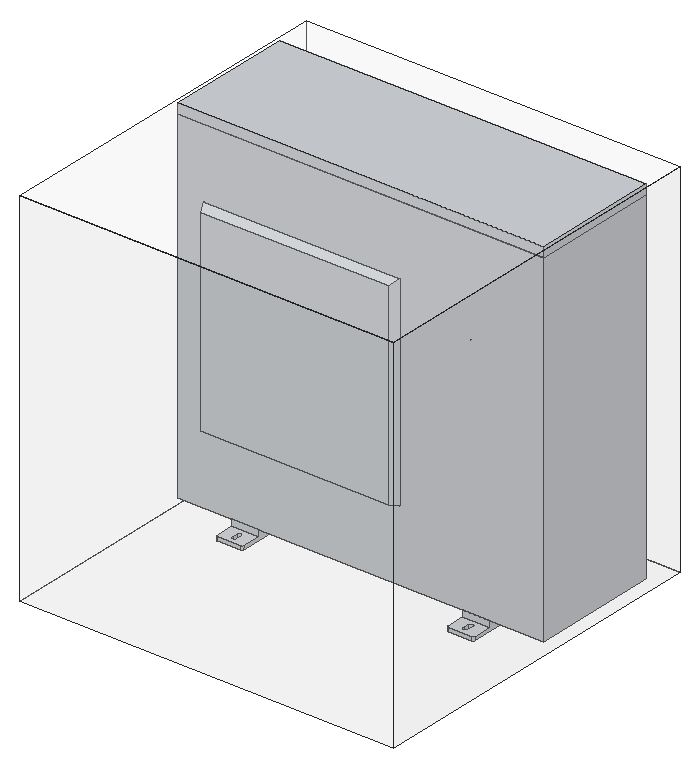
Revit family "puz-zrmp80(s)ha_280ka11_60Hz", category 機械設備, Revit 2019 (continued)
Definition of nested family "PUZ-ZRMP-2"
  Automatic sketch dimensions
    curve 43 to plane 50 = 0 mm
    curve 42 to plane 50 = 0 mm
    curve 41 to plane 50 = 0 mm
    curve 27 to plane 50 = 0 mm
    curve 28 to plane 50 = 0 mm
    curve 40 to plane 50 = 0 mm
    curve 39 to plane 50 = 0 mm
    curve 29 to plane 50 = 0 mm
    curve 38 to plane 50 = 0 mm
    curve 30 to plane 50 = 0 mm
    curve 53 to plane 50 = 0 mm
    curve 31 to plane 50 = 0 mm
    curve 36 to plane 50 = 0 mm
    curve 32 to plane 50 = 0 mm
    curve 35 to plane 50 = 0 mm
    curve 33 to plane 50 = 0 mm
    curve 34 to plane 50 = 0 mm
    curve 28 to plane 49 = 0 mm
    curve 41 to plane 49 = 0 mm
    curve 27 to plane 49 = 0 mm
    curve 42 to plane 49 = 0 mm
    curve 31 to plane 49 = 0 mm
    curve 40 to plane 49 = 0 mm
    curve 37 to plane 49 = 0 mm
    curve 39 to plane 49 = 0 mm
    curve 32 to plane 49 = 0 mm
    curve 45 to plane 49 = 0 mm
    curve 36 to plane 49 = 0 mm
    curve 46 to plane 49 = 0 mm
    curve 43 to plane 49 = 0 mm
    curve 47 to plane 49 = 0 mm
    curve 29 to plane 49 = 0 mm
    curve 48 to plane 49 = 0 mm
    curve 30 to plane 49 = 0 mm
    curve 49 to plane 49 = 0 mm
    curve 44 to plane 49 = 0 mm
    curve 50 to plane 49 = 0 mm
    curve 33 to plane 49 = 0 mm
    curve 51 to plane 49 = 0 mm
    curve 35 to plane 49 = 0 mm
    curve 52 to plane 49 = 0 mm
    curve 38 to plane 49 = 0 mm
    curve 53 to plane 49 = 0 mm
    curve 34 to plane 49 = 0 mm
    Extrusion 9 sketch curve to plane 18 = 0 mm  (x2)
    plane 8 to Extrusion 9 sketch curve = 0 mm
    plane 23 to Extrusion 9 sketch curve = 0 mm
    plane 22 to Extrusion 9 sketch curve = 0 mm  (x3)
    plane 16 to Extrusion 9 sketch curve = 0 mm  (x3)
    plane 17 to Extrusion 9 sketch curve = 0 mm  (x2)
    Extrusion 9 sketch curve to plane 15 = 0 mm  (x2)
    Extrusion 9 sketch curve to plane 19 = 0 mm  (x2)
    Extrusion 9 sketch curve to plane 14 = 0 mm  (x2)
    plane 7 to Extrusion 9 sketch curve = 0 mm
    Extrusion 9 sketch curve to Extrusion 9 sketch curve = 5 mm
    plane 15 to Extrusion 9 sketch curve = 6 mm  (x2)
    plane 19 to Extrusion 9 sketch curve = 5 mm
    Extrusion 9 sketch curve to plane 20 = 5 mm
    plane 14 to Extrusion 9 sketch curve = 6 mm  (x2)
    plane 21 to Extrusion 9 sketch curve = 5 mm
    plane 40 to Masking region 1 sketch curve = 0 mm
    plane 8 to Masking region 1 sketch curve = 0 mm  (x2)
    plane 7 to Masking region 1 sketch curve = 0 mm  (x2)
    curve 301 to plane 6 = 0 mm
    plane 52 to curve 8 = 0 mm
    plane 7 to curve 303 = 0 mm
    curve 304 to plane 18 = 0 mm
    curve 299 to plane 18 = 0 mm
    plane 8 to curve 297 = 0 mm
    curve 305 to plane 19 = 0 mm
    curve 298 to plane 19 = 0 mm
    curve 296 to plane 43 = 0 mm
    curve 295 to plane 48 = 0 mm
    curve 308 to plane 20 = 0 mm
    curve 291 to plane 21 = 11.98 mm
    curve 309 to plane 21 = 0 mm
    curve 290 to plane 47 = 0 mm
    curve 290 to plane 44 = 0 mm
    curve 288 to plane 5 = 0 mm
    plane 22 to curve 304 = 0 mm
    plane 22 to curve 308 = 0 mm
    plane 23 to curve 293 = 0 mm
    plane 23 to curve 298 = 0 mm
    curve 20 to plane 54 = 9 mm
    plane 66 to curve 316 = 4.5 mm
    curve 11 to plane 30 = 5 mm
    curve 11 to plane 66 = 10.5 mm
    curve 8 to curve 5 = 0 mm
    curve 12 to curve 6 = 0 mm
    curve 303 to plane 59 = 17.452 mm
    plane 15 to curve 297 = 2.486 mm
    curve 287 to plane 21 = 16.899 mm
    plane 47 to curve 297 = 22.809 mm
    plane 47 to curve 2 = 2 mm
    plane 31 to curve 9 = 5 mm
    curve 9 to curve 4 = 0 mm
    curve 16 to plane 47 = 13 mm
    plane 40 to Extrusion 9 sketch curve = 10 mm  (x2)
    curve 294 to plane 20 = 0 mm
    curve 293 to plane 21 = 0 mm
    plane 40 to curve 294 = 0 mm
    plane 47 to curve 1 = 2 mm
    curve 16 to curve 325 = 15 mm
Definition of nested family "固定点"
  Parameters (values of type "固定点")
    中心円 = if(W > 599 mm, 12 mm, 10 mm)  # 12 mm
    W = 1000 mm
    D = 1000 mm
  Reference planes
    plane 1 "中心(正面/背面)": y = 0
    plane 2: z = 0
    plane 3 "中心(左/右)": x = 0
    plane 4: x = 1000
    plane 5: y = 1000
  Lines and regions (mm)
    symbolic lines, detail levels fine
      curve 1: circle (0, 1000, 0) r 6 normal (0, 0, 1)
      curve 2: circle (0, 0, 0) r 6 normal (0, 0, 1)
      curve 3: circle (1000, 1000, 0) r 6 normal (0, 0, 1)
      curve 4: circle (1000, 0, 0) r 6 normal (0, 0, 1)
      curve 5: line (-200, 1000, 0) -> (1200, 1000, 0)
      curve 6: line (-200, 0, 0) -> (1200, 0, 0)
      curve 7: line (0, 1200, 0) -> (0, -200, 0)
      curve 8: line (1000, 1200, 0) -> (1000, -200, 0)
  Dimensions and locks
    "W": plane 3 "中心(左/右)" to plane 4
    "D": plane 1 "中心(正面/背面)" to plane 5
    "中心円": diameter of curve 1
    "中心円": diameter of curve 2
    "中心円": diameter of curve 3
    "中心円": diameter of curve 4
    aligned and locked: level to plane 2
    aligned and locked: plane 5 to curve 1
    aligned and locked: plane 3 "中心(左/右)" to curve 1
    aligned and locked: plane 3 "中心(左/右)" to curve 2
    aligned and locked: plane 1 "中心(正面/背面)" to curve 2
    aligned and locked: plane 4 to curve 3
    aligned and locked: plane 5 to curve 3
    aligned and locked: plane 1 "中心(正面/背面)" to curve 4
    aligned and locked: plane 4 to curve 4
    aligned and locked: plane 1 "中心(正面/背面)" to curve 6
    aligned and locked: curve 7 to plane 3 "中心(左/右)"
    aligned and locked: curve 8 to plane 4
  Automatic sketch dimensions
    curve 5 to plane 5 = 0 mm
    curve 6 to plane 3 "中心(左/右)" = 200 mm
    curve 5 to plane 3 "中心(左/右)" = 200 mm
    curve 4 to curve 6 = 200 mm
    curve 3 to curve 5 = 200 mm
    plane 1 "中心(正面/背面)" to curve 8 = 200 mm
    plane 1 "中心(正面/背面)" to curve 7 = 200 mm
    curve 3 to curve 8 = 200 mm
    curve 1 to curve 7 = 200 mm
Types (8, lengths in mm): name | 音響パワーレベル（冷）(dB) | 音響パワーレベル(dB) | 電源位置Z | 電源位置X | 電動機出力_送風機 | 電動機出力_圧縮機 | 質量 | 製品質量 | 相 | 消費電力_暖房 | 消費電力_冷房 | 消費電力 | 構成品番 | 極数 | 最小電線太さ_mm2 | 暖房能力 | 推奨ブレーカー容量 | 形名 | 価格 | ドレン　位置Y | ドレン　位置X | 冷房能力 | 冷媒管（ガス）位置X | 冷媒管（液）位置X | 冷媒管（ガス）位置Y | 冷媒管径符号 | 冷媒管位置Z | 冷媒管位置Y | 冷媒管位置X | 冷媒液管径 | 冷媒ガス管径 | Width | URL | Height | Clearance Right | Clearance Left | Clearance Front | Clearance Back
  (no name) | 66 | 68 | 669 | 275 | 0.06 kW | 1.6 kW | 79.20 kg | 66.00 kg | 3 | 1.76 kW | 1.68 kW | 1.76 kW | "PUZ-ZRMP80HA" | 3 | 1.6 | 8 kW | 20 A | PUZ-ZRMP-2 : PUZ-ZRMP-2 | 726000 | 111 | 30 | 7.1 kW | 434 | 377 | 229 | "Bd" | 447 | 259.5 | 405.5 | 9.52 | 15.88 | 950 | "https://www.mitsubishielectric.co.jp/ldg/wink/ssl/displayProduct.do?pid=311413" | 943 | 10 | 10 | 500 | 100
  PUZ-ZRMP80HA11 | 66 | 68 | 669 | 275 | 0.06 kW | 1.6 kW | 79.20 kg | 66.00 kg | 3 | 1.76 kW | 1.68 kW | 1.76 kW | "PUZ-ZRMP80HA" | 3 | 1.6 | 8 kW | 20 A | PUZ-ZRMP-2 : PUZ-ZRMP-2 | 726000 | 111 | 30 | 7.1 kW | 434 | 377 | 229 | "Bd" | 447 | 259.5 | 405.5 | 9.52 | 15.88 | 950 | "https://www.mitsubishielectric.co.jp/ldg/wink/ssl/displayProduct.do?pid=311413" | 943 | 10 | 10 | 500 | 100
  PUZ-ZRMP80SHA11 | 66 | 68 | 669 | 275 | 0.06 kW | 1.6 kW | 84.00 kg | 70.00 kg | 1 | 1.81 kW | 1.74 kW | 1.81 kW | "PUZ-ZRMP80SHA" | 1 | 1.6 | 8 kW | 30 A | PUZ-ZRMP-2 : PUZ-ZRMP-2 | 726000 | 111 | 30 | 7.1 kW | 434 | 377 | 229 | "Bd" | 447 | 259.5 | 405.5 | 9.52 | 15.88 | 950 | "https://www.mitsubishielectric.co.jp/ldg/wink/ssl/displayProduct.do?pid=311414" | 943 | 10 | 10 | 500 | 100
  PUZ-ZRMP112KA11 | 68 | 70 | 1063 | 325 | 0.12 kW | 2.1 kW | 118.80 kg | 99.00 kg | 3 | 2.22 kW | 2.21 kW | 2.22 kW | "PUZ-ZRMP112KA" | 3 | 1.6 | 11.2 kW | 30 A | PUZ-ZRMP-3 : PUZ-ZRMP112KA11 | 855000 | 176 | 45 | 10 kW | 483 | 423 | 234 | "Bd" | 450 | 262 | 453 | 9.52 | 15.88 | 1050 | "https://www.mitsubishielectric.co.jp/ldg/wink/ssl/displayProduct.do?pid=311419" | 1338 | 15 | 15 | 500 | 150
  PUZ-ZRMP140KA11 | 68 | 71 | 1063 | 325 | 0.12 kW | 2.8 kW | 118.80 kg | 99.00 kg | 3 | 2.98 kW | 3.02 kW | 3.02 kW | "PUZ-ZRMP140KA" | 3 | 1.6 | 14 kW | 30 A | PUZ-ZRMP-3 : PUZ-ZRMP112KA11 | 1028000 | 176 | 45 | 12.5 kW | 483 | 423 | 234 | "Bd" | 450 | 262 | 453 | 9.52 | 15.88 | 1050 | "https://www.mitsubishielectric.co.jp/ldg/wink/ssl/displayProduct.do?pid=311541" | 1338 | 15 | 15 | 500 | 150
  PUZ-ZRMP160KA11 | 70 | 73 | 1063 | 325 | 0.12 kW | 3.3 kW | 118.80 kg | 99.00 kg | 3 | 3.75 kW | 3.85 kW | 3.85 kW | "PUZ-ZRMP160KA" | 3 | 1.6 | 16 kW | 30 A | PUZ-ZRMP-3 : PUZ-ZRMP112KA11 | 1149000 | 176 | 45 | 14 kW | 483 | 423 | 234 | "Bd" | 450 | 262 | 453 | 9.52 | 15.88 | 1050 | "https://www.mitsubishielectric.co.jp/ldg/wink/ssl/displayProduct.do?pid=311544" | 1338 | 15 | 15 | 500 | 150
  PUZ-ZRMP224KA | 79 | 81 | 1063 | 325 | 0.3 kW | 4.6 kW | 156.00 kg | 130.00 kg | 3 | 4.96 kW | 5.33 kW | 5.33 kW | "PUZ-ZRMP224KA" | 3 | 2 | 22.4 kW | 40 A | PUZ-ZRMP-3 : PUZ-ZRMP224KA | 1490000 | 176 | 45 | 20 kW | 479 | 423 | 236 | "Bg" | 450 | 263 | 451 | 9.52 | 25.40 | 1050 | "https://www.mitsubishielectric.co.jp/ldg/wink/ssl/displayProduct.do?pid=311547" | 1338 | 15 | 15 | 1000 | 150
  PUZ-ZRMP280KA | 79 | 81 | 1063 | 325 | 0.4 kW | 5.7 kW | 160.80 kg | 134.00 kg | 3 | 6.8 kW | 7.95 kW | 7.95 kW | "PUZ-ZRMP280KA" | 3 | 2 | 28 kW | 50 A | PUZ-ZRMP-3 : PUZ-ZRMP224KA | 1840000 | 176 | 45 | 25 kW | 479 | 423 | 236 | "Cg" | 450 | 263 | 451 | 12.70 | 25.40 | 1050 | "https://www.mitsubishielectric.co.jp/ldg/wink/ssl/displayProduct.do?pid=311550" | 1338 | 15 | 15 | 1000 | 150
